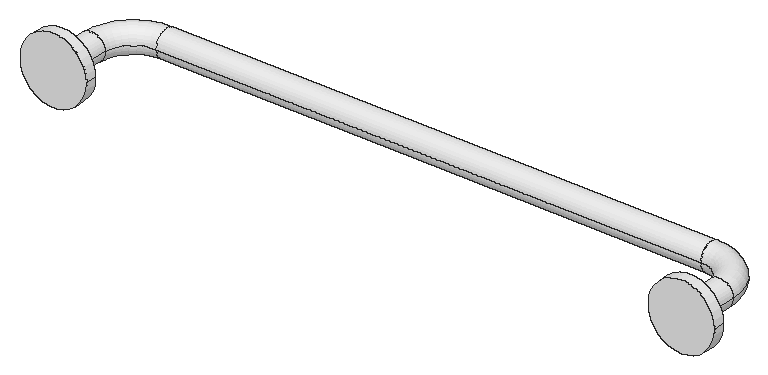
Revit family "Barra_Apoio_H", category Plumbing Fixtures, host Wall, Revit 2025
Family settings
  Host = Wall
  Round Connector Dimension = Use Diameter
  Part Type = Normal
  OmniClass Number = 23.45.00.00
  OmniClass Title = Sanitary, Laundry, and Cleaning Equipment
  Enable Cutting in Views = No
  Always vertical = Yes
  Cut with Voids When Loaded = No
  Maintain Annotation Orientation = No
  Shared = No
  Room Calculation Point = No
Parameters (values of type "BAA_U75")
  Material_Barra = CT_Cromados
  Description = "Descrição do tipo"
  Default Elevation = 0.000 m
  Barra_Deslocamento [instance] = 0.200 m
  Barra_Comprimento = 0.750 m
  Barra_Altura [instance] = 0.750 m
  Barra_Afastamento = 0.107 m
Reference planes (m)
  plane 1: y = 0
  plane 2 "Center (Left/Right)": x = 0.125
  plane 3 "Back": y = 0.05
  plane 4: x = 0.325
  plane 5: y = 0.063
  plane 6: x = 1.075
  plane 7 "Altura": z = 0.75
  plane 8: y = 0.157
Forms (m)
  Extrusion 1, solid, material "CT_Cromados" <- "Material_Barra"
    sketch origin (0.243231, 0.075, 0.450377) x (1, 0, 0) y (0, 0, 1)
      loop
        circle (0.081769, 0.299623) r 0.0395
    from 0.025 to 0.012
  Extrusion 2, solid, material "CT_Cromados" <- "Material_Barra"
    sketch origin (0.906621, 0.075, 0.600377) x (1, 0, 0) y (0, 0, 1)
      loop
        circle (0.168379, 0.149623) r 0.0395
    from 0.025 to 0.012
  Sweep 3, solid, material "CT_Cromados" <- "Material_Barra"
    path origin (0, 0, 0.75) x (0, 1, 0) y (-1, 0, 0)
      loop
        line (0.05, -1.075) -> (0.107, -1.075)
        arc (0.107, -1.075) -> (0.142355, -1.060355) -> (0.157, -1.025) r 0.05
        line (0.157, -1.025) -> (0.157, -0.375)
        arc (0.157, -0.375) -> (0.142355, -0.339645) -> (0.107, -0.325) r 0.05
        line (0.107, -0.325) -> (0.05, -0.325)
    profile origin (1.075, 0.0785, 0.75) x (-1, 0, 0) y (0, 0, 1)
      loop
        circle (0, 0) r 0.016
Cuts and joins
  joined: Extrusion 1, Extrusion 2, Sweep 3
Text (m)
  text "Placement side" at (-1.787139, 0.59235, 0), in view "Ref. Level"
  text "Placement side" at (0, 1.647113, 1.637193), in view "Left"
  text "Placement side" at (0, 0.562268, 3.853606), in view "Right"
Dimensions and locks (m)
  locked: plane 3 "Back" to host wall
  "Barra_Deslocamento": plane 2 "Center (Left/Right)" to plane 4
  locked: plane 5 to plane 3 "Back" at 0.013
  "Barra_Comprimento": plane 4 to plane 6
  "Barra_Altura": plane 7 "Altura" to level
  "Barra_Afastamento": plane 8 to plane 3 "Back"
  radius of Sweep 3 sketch curve = 0.050 m  (x2)
  aligned and locked: plane 1 to host wall
  aligned and locked: plane 5 to Extrusion 1
  aligned and locked: plane 3 "Back" to Extrusion 1
  aligned and locked: plane 7 "Altura" to Extrusion 2 sketch curve
  aligned and locked: plane 7 "Altura" to Extrusion 1 sketch curve
  aligned and locked: plane 7 "Altura" to Extrusion 1
  aligned and locked: Sweep 3 sketch curve to plane 8
  aligned and locked: cut or joined group of Extrusion 1, Extrusion 2, Sweep 3 to host wall
  aligned and locked: cut or joined group of Extrusion 1, Extrusion 2, Sweep 3 to cut or joined group of Extrusion 1, Extrusion 2, Sweep 3  (x2)
Automatic sketch dimensions
  Extrusion 1 sketch curve to plane 4 = 0.000 m
  Extrusion 1 sketch curve to Extrusion 1 sketch curve = 0.0395 m
  Extrusion 2 sketch curve to plane 6 = 0.000 m
  Extrusion 2 sketch curve to plane 6 = 0.0395 m
  plane 3 "Back" to Sweep 3 sketch curve = 0.000 m  (x2)
  Sweep 3 sketch curve to plane 6 = 0.000 m
  Sweep 3 sketch curve to plane 4 = 0.000 m
  Sweep 3 sketch curve to plane 7 "Altura" = 0.000 m
  Sweep 3 sketch curve to profile plane = 0.000 m
  radius of Sweep 3 sketch curve = 0.016 m
